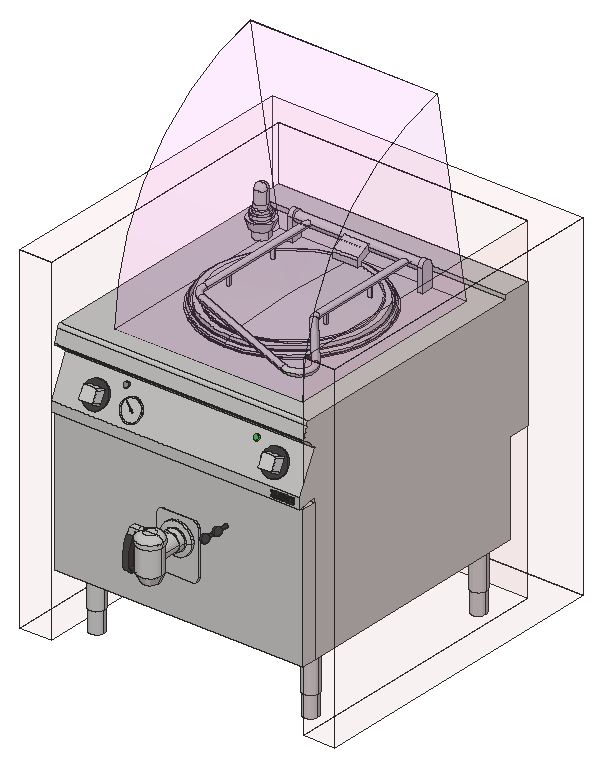
Revit family "QF_ZANUSSI_392233_Z9BSEHINF0", category Attrezzature speciali, Revit 2020
Family settings
  Quota connettore circolare = Usa diametro
  Tipo di parte = Normale
  Basato su piano di lavoro = No
  Sempre verticale = Sì
  Taglio con vuoti quando caricato = No
  Condiviso = Sì
  Punto di calcolo locali = No
Parameters (values of type "Standard")
  Weight = 253.532 lbm
  Watts = 9400 W
  Volts = 400 V
  URL Manufacturer = "http://www.zanussiprofessional.com"
  URL = "http://www.zanussiprofessional.com"
  Steam Supply Size = 0"
  Steam Supply Minimum Pressure = 0.00 psi
  Steam Supply Maximum Pressure = 0.00 psi
  Steam Consumption per Hour = 0
  Show Logo [instance] = yes
  Show Clearance [instance] = yes
  Refrigeration Suction Line Size = 0 mm
  Refrigeration Liquid Line Size = 0 mm
  Refrigerant Compressor Remote = yes
  Prospetto di default = 0 mm
  Produttore = "Zanussi"
  Phase = 3
  Modello = "Z9BSEHINF0"
  Length Actual = 800 mm  # constant formula
  Item Number = "392233"
  Hot Water Size = 3/4"
  Height Actual = 850 mm  # constant formula
  HP = "12.6 HP"
  Gas Size = 0"
  Gas KW = 0
  Gas Input Pressure = 0.0 Btu/h
  Direct Waste Size = 5 1/2"
  Descrizione = "60LT EL.BOILING PAN-INDIRECT HEATING"
  Depth Actual = 900 mm  # constant formula
  Cycle = 50 Hz
  Condensate Return Size = 0"
  Compressed Air Volume = 0 GPM
  Compressed Air Size = 0"
  Compressed Air Pressure = 0.00 psi
  Cold Water Size = 3/4"
  Accessory = yes
Reference planes
  plane 1 "BACK": y = 0
  plane 2: z = 0
  plane 3 "LEFT": x = 0
  plane 4 "RIGHT": x = 800
  plane 5 "FRONT": y = -900
  plane 6: z = 850
  plane 7: z = 150
  plane 8: x = -100
  plane 9: x = 900
  plane 10: y = 100
  plane 11: z = 449
  plane 12 "Top": z = 850
  plane 13: y = -450
  plane 14: x = 400
  plane 15: z = 310
  plane 16: y = -117.559
  plane 17: x = 183.51
  plane 18: x = 47
  plane 19: y = -466
  plane 20: z = 1500.737
Forms (mm)
  Extrusion 1, solid, material "QF_Finishes_Clearance", visible <- "Show Clearance"
    sketch origin (0, -80, 0) x (1, 0, 0) y (0, 1, 0)
      loop
        line (-100, -834.125) -> (0, -834.125) -> (0, 80) -> (800, 80) -> (800, -820) -> (900, -820) -> (900, 180) -> (-100, 180) -> (-100, -834.125)
    from 0 to 1090.3
  Revolve 2, solid, material "QF_Finishes_Door Clearance", visible <- "Show Clearance"
    sketch origin (-19.419, 38.825, 900) x (1, 0, 0) y (0, 1, 0)
      loop
        line (147.896, -195.826) -> (147.896, -856.602) -> (749.926, -856.602) -> (749.926, -195.826) -> (147.896, -195.826)
      axis (749.926, -195.826) -> (147.896, -195.826)
    angle from 0 to -80
  Extrusion 3, solid, material "QF_Finishes_Stainless Steel"
    sketch origin (0, 0, 50) x (0, 1, 0) y (0, 0, 1)
      loop
        line (-0.075, 449) -> (-0.075, 865) -> (-85.075, 865) -> (-85.075, 850) -> (-878.015, 850)
        arc (-878.015, 850) -> (-885.658, 846.834) -> (-888.823, 839.192) r 10.808
        line (-888.823, 839.192) -> (-900, 800.214)
        arc (-900, 800.214) -> (-899.512, 797.582) -> (-897.116, 796.387) r 3
        line (-897.116, 796.387) -> (-891.013, 796.387) -> (-855.438, 760.812) -> (-914.125, 642.637) -> (-914.125, 608.614) -> (-857.08, 616.631)
        arc (-857.08, 616.631) -> (-854.536, 615.878) -> (-853.435, 613.462) r 3.2
        line (-853.435, 613.462) -> (-853.427, 150) -> (-70.075, 150) -> (-70.075, 449) -> (-0.075, 449)
      loop
        line (-901.858, 602.071) -> (-901.858, 150) -> (-856.602, 150) -> (-856.602, 602.071) -> (-901.858, 602.071)
    from 0 to 800
  Extrusion 4, solid, material "QF_Finishes_Stainless Steel"
    sketch origin (-1055.159, 112.389, 194.383) x (1, 0, 0) y (0, 1, 0)
      loop
        circle (1102.159, -772.464) r 10
    from -9.383 to 5.617
  Extrusion 5, solid, material "QF_Finishes_Stainless Steel"
    sketch origin (-1055.159, 26.389, 194.383) x (1, 0, 0) y (0, 1, 0)
      loop
        circle (1102.159, -757.464) r 10
    from -9.383 to 5.617
  Extrusion 6, solid, material "QF_Finishes_Stainless Steel"
    sketch origin (-373.159, 36.964, 194.383) x (1, 0, 0) y (0, 1, 0)
      loop
        circle (1102.159, -757.464) r 10
    from -9.383 to 5.617
  Extrusion 7, solid, material "QF_Finishes_Stainless Steel"
    sketch origin (-702.159, 321.464, 194.383) x (1, 0, 0) y (0, 1, 0)
      loop
        circle (1102.159, -787.464) r 20
    from -9.383 to 5.617
Dimensions and locks
  plane 1 "BACK" to plane 5 "FRONT" = 900 mm
  plane 4 "RIGHT" to plane 3 "LEFT" = 800 mm
  plane 6 to level = 850 mm
  plane 3 "LEFT" to plane 4 "RIGHT" = 800 mm
  plane 5 "FRONT" to plane 1 "BACK" = 900 mm
  plane 8 to plane 3 "LEFT" = 100 mm
  plane 4 "RIGHT" to plane 9 = 100 mm
  plane 10 to plane 1 "BACK" = 100 mm
  equal spacing: plane 3 "LEFT", plane 14, plane 4 "RIGHT"
  equal spacing: plane 5 "FRONT", plane 13, plane 1 "BACK"
  plane 15 to level = 310 mm  (x2)
  Extrusion 1 to plane 19 = 466 mm
  aligned and locked: level to plane 2
  aligned and locked: Extrusion 1 to plane 4 "RIGHT"
  aligned and locked: plane 3 "LEFT" to Extrusion 1
  aligned and locked: plane 8 to Extrusion 1
  aligned and locked: plane 9 to Extrusion 1
  aligned and locked: plane 10 to Extrusion 1
  aligned and locked: plane 1 "BACK" to Extrusion 1
Automatic sketch dimensions
  Extrusion 1 sketch curve to plane 8 = 0 mm
  Extrusion 1 sketch curve to plane 3 "LEFT" = 0 mm
  plane 1 "BACK" to Extrusion 1 sketch curve = 0 mm
  Extrusion 1 sketch curve to plane 4 "RIGHT" = 0 mm
  plane 5 "FRONT" to Extrusion 1 sketch curve = 0 mm
  Extrusion 1 sketch curve to plane 9 = 0 mm
  Extrusion 1 sketch curve to plane 10 = 0 mm
  plane 5 "FRONT" to Extrusion 1 sketch curve = 14.125 mm
  plane 17 to Revolve 2 sketch curve = 55.033 mm
  Revolve 2 sketch curve to plane 4 "RIGHT" = 69.493 mm
  Revolve 2 sketch curve to plane 5 "FRONT" = 82.223 mm
  plane 16 to Revolve 2 sketch curve = 39.441 mm
  plane 8 to Revolve 2 sketch curve = 40.581 mm
  Revolve 2 sketch curve to Revolve 2 sketch curve = 22.104 mm
  Revolve 2 sketch curve to Revolve 2 sketch curve = 0 mm
  Extrusion 3 sketch curve to plane 5 "FRONT" = 0 mm
  plane 5 "FRONT" to Extrusion 3 sketch curve = 1.858 mm
  Extrusion 3 sketch curve to Extrusion 3 sketch curve = 12.267 mm
  Extrusion 3 sketch curve to plane 5 "FRONT" = 2.884 mm
  Extrusion 3 sketch curve to Extrusion 3 sketch curve = 6.103 mm
  Extrusion 3 sketch curve to plane 5 "FRONT" = 11.177 mm
  Extrusion 3 sketch curve to Extrusion 3 sketch curve = 10.808 mm
  Extrusion 3 sketch curve to plane 5 "FRONT" = 42.92 mm
  Extrusion 3 sketch curve to Extrusion 3 sketch curve = 0.445 mm
  Extrusion 3 sketch curve to Extrusion 3 sketch curve = 0.033 mm
  Extrusion 3 sketch curve to plane 5 "FRONT" = 44.562 mm
  Extrusion 3 sketch curve to Extrusion 3 sketch curve = 3.175 mm
  Extrusion 3 sketch curve to plane 16 = 32.484 mm
  Extrusion 3 sketch curve to plane 16 = 47.484 mm
  plane 1 "BACK" to Extrusion 3 sketch curve = 0.075 mm
  plane 7 to Extrusion 3 sketch curve = 50 mm
  Extrusion 3 sketch curve to Extrusion 3 sketch curve = 0 mm  (x2)
  Extrusion 3 sketch curve to plane 11 = 50 mm
  Extrusion 3 sketch curve to plane 6 = 197.929 mm
  Extrusion 3 sketch curve to Extrusion 3 sketch curve = 6.544 mm
  Extrusion 3 sketch curve to Extrusion 3 sketch curve = 11.392 mm
  Extrusion 3 sketch curve to Extrusion 3 sketch curve = 3.169 mm
  Extrusion 3 sketch curve to Extrusion 3 sketch curve = 34.022 mm
  Extrusion 3 sketch curve to plane 6 = 39.188 mm
  Extrusion 3 sketch curve to plane 6 = 3.613 mm
  Extrusion 3 sketch curve to plane 6 = 0.613 mm
  plane 6 to Extrusion 3 sketch curve = 39.192 mm
  Extrusion 3 sketch curve to Extrusion 3 sketch curve = 15 mm
  Extrusion 4 sketch curve to plane 18 = 0 mm
  Extrusion 4 sketch curve to plane 19 = 194.075 mm
  Extrusion 5 sketch curve to plane 18 = 0 mm
  Extrusion 5 sketch curve to plane 5 "FRONT" = 168.925 mm
  Extrusion 6 sketch curve to plane 4 "RIGHT" = 71 mm
  Extrusion 6 sketch curve to plane 5 "FRONT" = 179.5 mm
  Extrusion 7 sketch curve to plane 14 = 0 mm
  Extrusion 7 sketch curve to plane 19 = 0 mm
  radius of Extrusion 4 sketch curve = 10 mm
  radius of Extrusion 5 sketch curve = 10 mm
  radius of Extrusion 6 sketch curve = 10 mm
  radius of Extrusion 7 sketch curve = 20 mm
Nested families
  nested 1: "Valvola_Sicurezza_Pressione_VERSIONE LARGA" at (115, -213.22, 900) x (0, -1, 0) z (0, 0, 1), type "Valvola_Sicurezza_Pressione_VERSIONE LARGA"
  nested 2: "CHIUSURA_EBOLLITORE_MANIGLIA_2" at (400, -446.25, 900), type "CHIUSURA_EBOLLITORE_MANIGLIA_2"
  nested 3: "SPIA_RED" at (205, -866.159, 789.225) x (0, -0.4448, -0.8956) z (0, -0.8956, 0.4448), type "SPIA_RED"
  nested 4: "SPIA_GREEN" at (625, -867.972, 785.573) x (0, -0.4448, -0.8956) z (0, -0.8956, 0.4448), type "SPIA_GREEN"
  nested 5: "CONTROLLER_XP-ZAN" at (175.078, -889.634, 741.953) x (1, 0, 0) z (0, -0.8956, 0.4448), type "CONTROLLER_XP-ZAN"
  nested 6: "CONTROLLER_XP-ZAN" at (748.986, -887.149, 746.957) x (1, 0, 0) z (0, -0.8956, 0.4448), type "CONTROLLER_XP-ZAN"
  nested 7: "TERMOMETRO_CIRCOLARE" at (240, -891.427, 738.342) x (0, -0.4448, -0.8956) z (0, -0.8956, 0.4448), type "TERMOMETRO_CIRCOLARE"
  nested 8: "ZANUSSI_Logo" at (748.892, -914.125, 724.625) x (1, 0, 0) z (0, -1, 0), Show Logo <- "Show Logo", visible <- "Show Logo", type "ZANUSSI_Logo"
    with Show Logo yes
  nested 9: "Pomello" at (514.04, -901.858, 485.551) x (0, 0, 1) z (0, -1, 0), type "Pomello"
  nested 10: "Pomello" at (554.04, -901.858, 520.551) x (0, 0, 1) z (0, -1, 0), type "Pomello"
  nested 11: "bocchettone_scarico_SX_ebollitori" at (400, -901.858, 411.296) x (1, 0, 0) z (0, -1, 0), type "bocchettone_scarico_SX_ebollitori"
    with Body Finish QF_Finishes_Stainless Steel
  nested 12: "Piedino 50xH200_par" at (56, -801, 0), type "Piedino 50xH200_par"
    with H 200 mm
  nested 13: "Piedino 50xH200_par" at (744, -801, 0), type "Piedino 50xH200_par"
    with H 200 mm
  nested 14: "Piedino 50xH200_par" at (744, -127, 0), type "Piedino 50xH200_par"
    with H 200 mm
  nested 15: "Piedino 50xH200_par" at (56, -127, 0), type "Piedino 50xH200_par"
    with H 200 mm
Connectors
  piping at (47, -660.075, 185), diameter 19.05, driven by "Hot Water Size"
    settings: on Extrusion 4, index 14, connector inside diameter 24", connector length 0 mm, flow factor 0, pipe flow 0 GPM, pressure drop 0.00 psi, fitting loss kfactor 0, connector angle 0.00°, fixture units 0, engagement length 0 mm, angle of deflection 0.00°, flow configuration 0, flow direction 0, fitting loss method 0, system type 29, joint type 0, gender type 0, connector reference index -1, connector utility 0, adjustable connector no, is connector primary yes, connector description "Hot Water Inlet"
  piping at (47, -731.075, 185), diameter 19.05, driven by "Cold Water Size"
    settings: on Extrusion 5, index 15, connector inside diameter 24", connector length 0 mm, flow factor 0, pipe flow 0 GPM, pressure drop 0.00 psi, fitting loss kfactor 0, connector angle 0.00°, fixture units 0, engagement length 0 mm, angle of deflection 0.00°, flow configuration 0, flow direction 0, fitting loss method 0, system type 29, joint type 0, gender type 0, connector reference index -1, connector utility 0, adjustable connector no, is connector primary no, connector description "Cold Water Inlet"
  electrical at (729, -720.5, 185), driven by "Volts"
    settings: on Extrusion 6, index 16, voltage 400 V, apparent load 0 VA, apparent load phase1 0 VA, apparent load phase2 0 VA, apparent load phase3 0 VA, power factor 1, load classification "Altro", number of poles 1, system type 30, power factor state 1, is connector primary yes, connector utility no, sub classification motor no, connector description "Electrical Connection"
  piping at (400, -466, 185), diameter 139.7, driven by "Direct Waste Size"
    settings: on Extrusion 7, index 17, connector inside diameter 24", connector length 0 mm, flow factor 0, pipe flow 0 GPM, pressure drop 0.00 psi, fitting loss kfactor 0, connector angle 0.00°, fixture units 0, engagement length 0 mm, angle of deflection 0.00°, flow configuration 0, flow direction 0, fitting loss method 0, system type 29, joint type 0, gender type 0, connector reference index -1, connector utility 0, adjustable connector no, is connector primary no, connector description "Drain"
Definition of nested family "Valvola_Sicurezza_Pressione_VERSIONE LARGA"
  Parameters (values of type "Valvola_Sicurezza_Pressione_VERSIONE LARGA")
    Default Elevation = 1219.2 mm
  Reference planes
    plane 1 "Centro (Fronte/Retro)": y = 0
    plane 2: z = 0
    plane 3 "Centro (Sinistra/Destra)": x = 0
  Forms (mm)
    Extrusion 1, solid
      sketch origin (0, 0, 0) x (1, 0, 0) y (0, 1, 0)
        loop
          line (-1219.2, 1219.2) -> (-1219.2, -1219.2) -> (1219.2, -1219.2) -> (1219.2, 1219.2) -> (-1219.2, 1219.2)
      from 0 to -304.8
    Revolve 2, solid
      sketch origin (0, 127, -850) x (0, 1, 0) y (0, 0, 1)
        loop
          line (-127, 850) -> (-127, 1005.049)
          arc (-127, 1005.049) -> (-139.857, 999.724) -> (-145.183, 986.867) r 18.183
          line (-145.183, 986.867) -> (-145.183, 946.198) -> (-147.515, 946.198) -> (-147.515, 935.501) -> (-152, 931.015) -> (-152, 924.56) -> (-157, 924.56) -> (-157, 919.56) -> (-160.008, 919.56) -> (-160.008, 911.432) -> (-157, 911.432) -> (-157, 902.923) -> (-168.345, 902.923) -> (-160.305, 877.208) -> (-152, 875.138) -> (-152, 850) -> (-127, 850)
        axis (-127, 850) -> (-127, 1005.049)
      angle from 0 to 360
  Dimensions and locks
    aligned and locked: plane 2 to Extrusion 1
    aligned and locked: level to Extrusion 1
Definition of nested family "CHIUSURA_EBOLLITORE_MANIGLIA_2"
  Parameters (values of type "CHIUSURA_EBOLLITORE_MANIGLIA_2")
    Default Elevation = 1219.2 mm
    Diametro = 500 mm
  Reference planes
    plane 1 "Centro (Fronte/Retro)": y = 0
    plane 2: z = 0
    plane 3 "Centro (Sinistra/Destra)": x = 0
    plane 4: x = -250
    plane 5: x = 250
  Forms (mm)
    Extrusion 1, solid
      sketch origin (0, 0, 0) x (1, 0, 0) y (0, 1, 0)
        loop
          line (-1219.2, 1219.2) -> (-1219.2, -1219.2) -> (1219.2, -1219.2) -> (1219.2, 1219.2) -> (-1219.2, 1219.2)
      from 0 to -304.8
    Sweep 2, solid
      path origin (-400, 374.738, -849.313) x (1, 0, 0) y (0, 1, 0)
        loop
          line (243.743, -103.594) -> (243.743, -534.5)
          arc (243.743, -534.5) -> (252.432, -562.667) -> (275.478, -581.045) r 50
          line (275.478, -581.045) -> (663.94, -733.483)
          arc (663.94, -733.483) -> (712.787, -719.077) -> (710.882, -668.185) r 41.493
          line (710.882, -668.185) -> (563.79, -492.888)
          arc (563.79, -492.888) -> (558.199, -483.203) -> (556.257, -472.19) r 32.201
          line (556.257, -472.19) -> (556.257, -103.594)
      profile origin (-156.257, 55.691, -849.313) x (1, 0, 0) y (0, 0, 1)
        loop
          circle (0, 918.759) r 9.525
    Revolve 3, solid
      sketch origin (0, 355.988, -849.313) x (0, 1, 0) y (0, 0, 1)
        loop
          line (-355.988, 849.313) -> (-355.988, 890.021)
          arc (-355.988, 890.021) -> (-471.018, 888.03) -> (-585.757, 879.616) r 2058.307
          line (-585.757, 879.616) -> (-588.534, 876.84) -> (-588.534, 873.469) -> (-606.616, 873.469) -> (-606.616, 853.437) -> (-614.697, 853.437) -> (-614.697, 867.549) -> (-617.996, 867.549) -> (-617.996, 865.745) -> (-622.909, 857.235) -> (-622.909, 851.51) -> (-627.909, 851.51) -> (-627.909, 849.313) -> (-355.988, 849.313)
        axis (-355.988, 849.313) -> (-355.988, 890.021)
      angle from 0 to 360
    Extrusion 4, solid
      sketch origin (-400, 374.738, -849.313) x (1, 0, 0) y (0, 1, 0)
        loop
          circle (556.179, -434.634) r 5
        loop
          circle (556.239, -256.89) r 5
        loop
          circle (243.739, -256.89) r 5
        loop
          circle (243.679, -434.634) r 5
      from 873.469 to 917.509
    Extrusion 5, solid
      sketch origin (-326.071, 375.449, -856.416) x (0, 1, 0) y (0, 0, 1)
        loop
          line (-86.2, 856.416) -> (-86.2, 927.861)
          arc (-86.2, 927.861) -> (-103.594, 945.255) -> (-120.988, 927.861) r 17.394
          line (-120.988, 927.861) -> (-120.988, 856.416) -> (-86.2, 856.416)
      from 527.978 to 542.561
    Extrusion 6, solid
      sketch origin (-400, 375.449, -857.666) x (0, 1, 0) y (0, 0, 1)
        loop
          circle (-103.594, 927.13) r 15
      from 198.093 to 601.907
    Extrusion 7, solid
      sketch origin (-400, 376.074, -857.666) x (0, 1, 0) y (0, 0, 1)
        loop
          line (-161.825, 881.823) -> (-147.722, 881.823) -> (-147.722, 896.159)
          arc (-147.722, 896.159) -> (-146.818, 899.027) -> (-144.432, 900.857) r 5
          line (-144.432, 900.857) -> (-110.128, 913.343)
          arc (-110.128, 913.343) -> (-118.811, 923.657) -> (-115.705, 936.776) r 15
          line (-115.705, 936.776) -> (-157.703, 913.496)
          arc (-157.703, 913.496) -> (-160.718, 910.56) -> (-161.825, 906.499) r 8
          line (-161.825, 906.499) -> (-161.825, 881.823)
      from 361.051 to 438.949
    Extrusion 8, solid
      sketch origin (326.071, 375.449, -856.416) x (0, 1, 0) y (0, 0, -1)
        loop
          line (-86.2, -856.416) -> (-120.988, -856.416) -> (-120.988, -927.861)
          arc (-120.988, -927.861) -> (-103.594, -945.255) -> (-86.2, -927.861) r 17.394
          line (-86.2, -927.861) -> (-86.2, -856.416)
      from 527.978 to 542.561
  Dimensions and locks
    equal spacing: plane 4, plane 3 "Centro (Sinistra/Destra)", plane 5, locked at 250 each
    "Diametro": plane 4 to plane 5
    aligned and locked: plane 2 to Extrusion 1
    aligned and locked: level to Extrusion 1
  Automatic sketch dimensions
    Extrusion 1 sketch curve to Extrusion 1 sketch curve = 2438.4 mm  (x2)
    Extrusion 5 sketch curve to level = 0 mm
    Extrusion 5 sketch curve to plane 1 "Centro (Fronte/Retro)" = 254.461 mm
    Extrusion 5 sketch curve to Extrusion 5 sketch curve = 17.394 mm
    level to Extrusion 5 sketch curve = 71.445 mm
    level to Extrusion 6 sketch curve = 69.464 mm
    Extrusion 6 sketch curve to plane 1 "Centro (Fronte/Retro)" = 271.855 mm
    level to Extrusion 7 sketch curve = 48.834 mm
    Extrusion 7 sketch curve to plane 1 "Centro (Fronte/Retro)" = 214.249 mm
    level to Extrusion 7 sketch curve = 55.831 mm
    Extrusion 7 sketch curve to Extrusion 7 sketch curve = 4.122 mm
    Extrusion 7 sketch curve to Extrusion 7 sketch curve = 14.103 mm
    level to Extrusion 7 sketch curve = 43.191 mm
    Extrusion 7 sketch curve to Extrusion 7 sketch curve = 3.29 mm
    Extrusion 7 sketch curve to Extrusion 7 sketch curve = 1.71 mm
    level to Extrusion 7 sketch curve = 79.111 mm
    Extrusion 7 sketch curve to Extrusion 7 sketch curve = 28.727 mm
    level to Extrusion 7 sketch curve = 55.677 mm
    Extrusion 7 sketch curve to Extrusion 7 sketch curve = 5.577 mm
    Extrusion 7 sketch curve to Extrusion 7 sketch curve = 5.91 mm
    Extrusion 7 sketch curve to Extrusion 7 sketch curve = 14.336 mm
    Extrusion 8 sketch curve to level = 0 mm
    Extrusion 8 sketch curve to plane 1 "Centro (Fronte/Retro)" = 254.461 mm
    Extrusion 8 sketch curve to Extrusion 8 sketch curve = 17.394 mm
    Extrusion 8 sketch curve to Extrusion 8 sketch curve = 71.445 mm
    profile plane to Sweep 2 sketch curve = 0 mm
    profile plane to Sweep 2 sketch curve = 918.759 mm
    Sweep 2 sketch curve to plane 3 "Centro (Sinistra/Destra)" = 124.522 mm
    Sweep 2 sketch curve to Sweep 2 sketch curve = 18.265 mm
    plane 5 to Sweep 2 sketch curve = 93.743 mm
    Sweep 2 sketch curve to Sweep 2 sketch curve = 7.534 mm
    Sweep 2 sketch curve to Sweep 2 sketch curve = 32.201 mm
    Sweep 2 sketch curve to plane 5 = 13.94 mm
    Sweep 2 sketch curve to plane 5 = 29.097 mm
    Sweep 2 sketch curve to Sweep 2 sketch curve = 31.786 mm
    plane 1 "Centro (Fronte/Retro)" to Sweep 2 sketch curve = 358.745 mm
    Sweep 2 sketch curve to Sweep 2 sketch curve = 38.626 mm
    plane 1 "Centro (Fronte/Retro)" to Sweep 2 sketch curve = 206.307 mm
    Sweep 2 sketch curve to Sweep 2 sketch curve = 46.545 mm
    plane 1 "Centro (Fronte/Retro)" to Sweep 2 sketch curve = 118.15 mm
    Sweep 2 sketch curve to plane 1 "Centro (Fronte/Retro)" = 271.144 mm  (x2)
    Extrusion 4 sketch curve to plane 4 = 93.679 mm
    Extrusion 4 sketch curve to plane 4 = 93.739 mm
    plane 5 to Extrusion 4 sketch curve = 93.821 mm
    plane 5 to Extrusion 4 sketch curve = 93.761 mm
    plane 1 "Centro (Fronte/Retro)" to Extrusion 4 sketch curve = 59.897 mm  (x2)
    Extrusion 4 sketch curve to plane 1 "Centro (Fronte/Retro)" = 117.848 mm  (x2)
    Revolve 3 sketch curve to level = 0 mm
    Revolve 3 sketch curve to plane 1 "Centro (Fronte/Retro)" = 0 mm  (x2)
    plane 1 "Centro (Fronte/Retro)" to Revolve 3 sketch curve = 21.921 mm
    level to Revolve 3 sketch curve = 30.304 mm
    plane 1 "Centro (Fronte/Retro)" to Revolve 3 sketch curve = 229.77 mm
    Revolve 3 sketch curve to Revolve 3 sketch curve = 2.777 mm
    Revolve 3 sketch curve to Revolve 3 sketch curve = 18.082 mm
    Revolve 3 sketch curve to Revolve 3 sketch curve = 8.082 mm
    Revolve 3 sketch curve to Revolve 3 sketch curve = 3.299 mm
    level to Revolve 3 sketch curve = 2.198 mm
    Revolve 3 sketch curve to Revolve 3 sketch curve = 8.212 mm
    Revolve 3 sketch curve to Revolve 3 sketch curve = 5 mm
    Revolve 3 sketch curve to level = 2017.482 mm
    level to Revolve 3 sketch curve = 4.125 mm
    Revolve 3 sketch curve to Revolve 3 sketch curve = 5.725 mm
    Revolve 3 sketch curve to Revolve 3 sketch curve = 8.509 mm
    Revolve 3 sketch curve to Revolve 3 sketch curve = 1.804 mm
    Revolve 3 sketch curve to Revolve 3 sketch curve = 5.921 mm
    Revolve 3 sketch curve to Revolve 3 sketch curve = 3.37 mm
    Revolve 3 sketch curve to Revolve 3 sketch curve = 0.117 mm
    Revolve 3 sketch curve to Revolve 3 sketch curve = 50 mm
    radius of Extrusion 6 sketch curve = 15 mm
    radius of Sweep 2 sketch curve = 9.525 mm
    radius of Extrusion 4 sketch curve = 5 mm  (x4)
Definition of nested family "SPIA_RED"
  Parameters
    Default Elevation = 1219.2 mm
  Reference planes
    plane 1 "Centro (Fronte/Retro)": y = 0
    plane 2: z = 0
    plane 3 "Centro (Sinistra/Destra)": x = 0
  Forms (mm)
    Extrusion 1, solid
      sketch origin (0, 0, 0) x (1, 0, 0) y (0, 1, 0)
        loop
          line (-1219.2, 1219.2) -> (-1219.2, -1219.2) -> (1219.2, -1219.2) -> (1219.2, 1219.2) -> (-1219.2, 1219.2)
      from 0 to -304.8
    Extrusion 2, solid
      sketch origin (-367.513, 69.533, 3.175) x (-1, 0, 0) y (0, 1, 0)
        loop
          circle (-367.513, -69.533) r 8
      from 0 to 3.175
  Dimensions and locks
    aligned and locked: plane 2 to Extrusion 1
    aligned and locked: level to Extrusion 1
Definition of nested family "SPIA_GREEN"
  Parameters
    Default Elevation = 1219.2 mm
  Reference planes
    plane 1 "Centro (Fronte/Retro)": y = 0
    plane 2: z = 0
    plane 3 "Centro (Sinistra/Destra)": x = 0
  Forms (mm)
    Extrusion 1, solid
      sketch origin (0, 0, 0) x (1, 0, 0) y (0, 1, 0)
        loop
          line (-1219.2, 1219.2) -> (-1219.2, -1219.2) -> (1219.2, -1219.2) -> (1219.2, 1219.2) -> (-1219.2, 1219.2)
      from 0 to -304.8
    Extrusion 2, solid
      sketch origin (-367.513, 69.533, 3.175) x (-1, 0, 0) y (0, 1, 0)
        loop
          circle (-367.513, -69.533) r 8
      from 0 to 3.175
  Dimensions and locks
    aligned and locked: plane 2 to Extrusion 1
    aligned and locked: level to Extrusion 1
Definition of nested family "CONTROLLER_XP-ZAN"
  Parameters (values of type "CONTROLLER_XP-ZAN")
    Default Elevation = 0 mm
  Reference planes
    plane 1 "Centro (Fronte/Retro)": y = 0
    plane 2: z = 0
    plane 3 "Centro (Sinistra/Destra)": x = 0
    plane 4: x = -51.067
    plane 5: x = 51.067
    plane 6: x = 93.481
    plane 7: x = -93.481
  Forms (mm)
    Extrusion 1, solid
      sketch origin (0, 0, 0) x (1, 0, 0) y (0, 1, 0)
        loop
          line (-1219.2, 1219.2) -> (-1219.2, -1219.2) -> (1219.2, -1219.2) -> (1219.2, 1219.2) -> (-1219.2, 1219.2)
      from 0 to -304.8
    Extrusion 2, solid
      sketch origin (-46.381, -48.923, 0) x (1, 0, 0) y (0, 1, 0)
        loop
          circle (-4.687, 48.923) r 42.414
      from 0 to 3.175
    Blend 3, solid
      base sketch origin (-46.381, -48.923, 3.175) x (1, 0, 0) y (0, 1, 0)
        loop
          line (-23.687, 25.923) -> (14.313, 25.923)
          arc (14.313, 25.923) -> (17.142, 27.095) -> (18.313, 29.923) r 4
          line (18.313, 29.923) -> (18.313, 66.519)
          arc (18.313, 66.519) -> (17.342, 69.132) -> (14.901, 70.476) r 4
          arc (14.901, 70.476) -> (-4.687, 71.923) -> (-24.275, 70.476) r 133.25
          arc (-24.275, 70.476) -> (-26.716, 69.132) -> (-27.687, 66.519) r 4
          line (-27.687, 66.519) -> (-27.687, 29.923)
          arc (-27.687, 29.923) -> (-26.515, 27.095) -> (-23.687, 25.923) r 4
      top sketch origin (-46.381, -48.923, 3.175) x (1, 0, 0) y (0, 1, 0)
        loop
          line (-25.687, 66.519) -> (-25.687, 29.923)
          arc (-25.687, 29.923) -> (-25.101, 28.509) -> (-23.687, 27.923) r 2
          line (-23.687, 27.923) -> (14.313, 27.923)
          arc (14.313, 27.923) -> (15.727, 28.509) -> (16.313, 29.923) r 2
          line (16.313, 29.923) -> (16.313, 66.519)
          arc (16.313, 66.519) -> (15.828, 67.825) -> (14.607, 68.498) r 2
          arc (14.607, 68.498) -> (-4.687, 69.923) -> (-23.981, 68.498) r 131.25
          arc (-23.981, 68.498) -> (-25.201, 67.825) -> (-25.687, 66.519) r 2
      from 0 to 33
  Lines and regions (mm)
    Split face 1
      outline origin (-46.381, -48.923, 36.175) x (1, 0, 0) y (0, 1, 0)
        loop
          line (-6.687, 69.908) -> (-6.687, 62.923) -> (-2.687, 62.923) -> (-2.687, 69.908)
  Dimensions and locks
    aligned and locked: plane 2 to Extrusion 1
    aligned and locked: level to Extrusion 1
Definition of nested family "TERMOMETRO_CIRCOLARE"
  Parameters
    Default Elevation = 1219.2 mm
  Reference planes
    plane 1 "Centro (Fronte/Retro)": y = 0
    plane 2: z = 0
    plane 3 "Centro (Sinistra/Destra)": x = 0
  Forms (mm)
    Extrusion 1, solid
      sketch origin (0, 0, 0) x (1, 0, 0) y (0, 1, 0)
        loop
          line (-1219.2, 1219.2) -> (-1219.2, -1219.2) -> (1219.2, -1219.2) -> (1219.2, 1219.2) -> (-1219.2, 1219.2)
      from 0 to -304.8
    Extrusion 2, solid
      sketch origin (-217.932, 73.785, 0.006) x (0, -1, -0.000082) y (1, 0, 0)
        loop
          circle (73.793, 217.932) r 35
      from 0 to 3.2
    Extrusion 3, void
      sketch origin (-217.932, 73.784, 3.206) x (0, -1, -0.000082) y (1, 0, 0)
        loop
          circle (73.793, 217.932) r 33
      from 0 to -1.6
    Extrusion 4, solid
      sketch origin (0, 0, 0) x (1, 0, 0) y (0, 1, 0)
        loop
          arc (-0.549, -2.293) -> (1.747, -1.581) -> (2.216, 0.777) r 2.35
          line (2.216, 0.777) -> (6.22, 5.225) -> (4.666, 6.779) -> (0.602, 2.264)
          arc (0.602, 2.264) -> (-1.747, 1.565) -> (-2.197, -0.844) r 2.35
          line (-2.197, -0.844) -> (-18.808, -20.219)
          arc (-18.808, -20.219) -> (-18.779, -20.694) -> (-18.304, -20.679) r 0.341
          line (-18.304, -20.679) -> (-0.549, -2.293)
      from 1.599 to 2.364
  Cuts and joins
    Extrusion 3 cuts Extrusion 2
  Dimensions and locks
    aligned and locked: plane 2 to Extrusion 1
    aligned and locked: level to Extrusion 1
Definition of nested family "ZANUSSI_Logo"
  Parameters (values of type "ZANUSSI_Logo")
    Show Logo [instance] = yes
    Default Elevation = 1219.2 mm
  Reference planes
    plane 1 "Center (Front/Back)": y = -49
    plane 2: z = 0
    plane 3 "Center (Left/Right)": x = -9.92
  Forms (mm)
    Extrusion 1, solid
      sketch origin (0, 0, 0) x (1, 0, 0) y (0, 1, 0)
        loop
          line (-1219.2, 1219.2) -> (-1219.2, -1219.2) -> (1219.2, -1219.2) -> (1219.2, 1219.2) -> (-1219.2, 1219.2)
      from 0 to -304.8
    Extrusion 2, solid, visible <- "Show Logo"
      sketch origin (106.353, -215.165, -50) x (1, 0, 0) y (0, 1, 0)
        loop
          line (-137.419, 156.48) -> (-137.419, 160.444) -> (-143.365, 160.444) -> (-137.419, 172.566) -> (-137.419, 175.851) -> (-147.274, 175.851) -> (-147.274, 172.226) -> (-142.063, 172.339) -> (-147.728, 160.444) -> (-147.728, 156.48) -> (-137.419, 156.48)
        loop
          line (-131.729, 163.73) -> (-129.463, 163.73) -> (-130.596, 172.54) -> (-131.729, 163.73)
        loop
          line (-132.748, 156.48) -> (-132.182, 160.218) -> (-128.897, 160.218) -> (-128.33, 156.48) -> (-124.252, 156.48) -> (-127.877, 175.851) -> (-133.315, 175.851) -> (-136.826, 156.48) -> (-132.748, 156.48)
        loop
          line (-123.75, 175.851) -> (-123.75, 156.48) -> (-120.238, 156.48) -> (-120.238, 169.281) -> (-116.953, 156.48) -> (-112.648, 156.48) -> (-112.648, 175.851) -> (-116.273, 175.851) -> (-116.273, 163.503) -> (-119.558, 175.851) -> (-123.75, 175.851)
        loop
          arc (-111.742, 161.27) -> (-106.896, 156.448) -> (-101.433, 160.558) r 5.22
          line (-101.433, 160.558) -> (-101.433, 175.851) -> (-105.398, 175.851) -> (-105.398, 161.464)
          arc (-105.398, 161.464) -> (-106.44, 160.263) -> (-107.777, 161.124) r 1.214
          line (-107.777, 161.124) -> (-107.777, 175.851) -> (-111.742, 175.851) -> (-111.742, 161.27)
        loop
          line (-94.069, 169.734) -> (-90.331, 169.734) -> (-90.269, 171.495)
          arc (-90.269, 171.495) -> (-90.53, 173.458) -> (-91.761, 175.009) r 3.719
          arc (-91.761, 175.009) -> (-95.38, 176.189) -> (-98.998, 175.009) r 6.139
          arc (-98.998, 175.009) -> (-100.474, 172.145) -> (-100.291, 168.927) r 6.125
          arc (-100.291, 168.927) -> (-99.079, 167.149) -> (-97.591, 165.594) r 13.068
          line (-97.591, 165.594) -> (-95.921, 164.113)
          arc (-95.921, 164.113) -> (-94.934, 163.275) -> (-94.167, 162.233) r 5.571
          arc (-94.167, 162.233) -> (-94.357, 160.41) -> (-96.143, 160.003) r 1.573
          arc (-96.143, 160.003) -> (-96.681, 160.547) -> (-96.911, 161.277) r 1.631
          arc (-96.911, 161.277) -> (-96.929, 161.791) -> (-96.911, 162.305) r 7.441
          arc (-96.911, 162.305) -> (-96.895, 162.791) -> (-96.911, 163.277) r 7.03
          line (-96.911, 163.277) -> (-100.866, 163.277)
          arc (-100.866, 163.277) -> (-100.828, 160.504) -> (-99.735, 157.955) r 7.131
          arc (-99.735, 157.955) -> (-94.571, 156.484) -> (-90.221, 159.633) r 6.148
          arc (-90.221, 159.633) -> (-90.141, 162.884) -> (-91.536, 165.823) r 7.021
          line (-91.536, 165.823) -> (-95.882, 169.734)
          arc (-95.882, 169.734) -> (-96.47, 170.472) -> (-96.785, 171.362) r 2.858
          arc (-96.785, 171.362) -> (-95.666, 172.959) -> (-94.069, 171.84) r 1.379
          line (-94.069, 171.84) -> (-94.069, 169.734)
        loop
          line (-82.771, 169.734) -> (-79.033, 169.734) -> (-78.971, 171.495)
          arc (-78.971, 171.495) -> (-79.232, 173.458) -> (-80.463, 175.009) r 3.719
          arc (-80.463, 175.009) -> (-84.081, 176.189) -> (-87.7, 175.009) r 6.139
          arc (-87.7, 175.009) -> (-89.175, 172.145) -> (-88.993, 168.927) r 6.125
          arc (-88.993, 168.927) -> (-87.781, 167.149) -> (-86.293, 165.594) r 13.068
          line (-86.293, 165.594) -> (-84.623, 164.113)
          arc (-84.623, 164.113) -> (-83.636, 163.275) -> (-82.869, 162.233) r 5.571
          arc (-82.869, 162.233) -> (-83.059, 160.41) -> (-84.845, 160.003) r 1.573
          arc (-84.845, 160.003) -> (-85.383, 160.547) -> (-85.613, 161.277) r 1.631
          arc (-85.613, 161.277) -> (-85.631, 161.791) -> (-85.613, 162.305) r 7.441
          arc (-85.613, 162.305) -> (-85.596, 162.791) -> (-85.613, 163.277) r 7.03
          line (-85.613, 163.277) -> (-89.568, 163.277)
          arc (-89.568, 163.277) -> (-89.53, 160.504) -> (-88.437, 157.955) r 7.131
          arc (-88.437, 157.955) -> (-83.272, 156.484) -> (-78.922, 159.633) r 6.148
          arc (-78.922, 159.633) -> (-78.843, 162.884) -> (-80.238, 165.823) r 7.021
          line (-80.238, 165.823) -> (-84.584, 169.734)
          arc (-84.584, 169.734) -> (-85.171, 170.472) -> (-85.486, 171.362) r 2.858
          arc (-85.486, 171.362) -> (-84.368, 172.959) -> (-82.771, 171.84) r 1.379
          line (-82.771, 171.84) -> (-82.771, 169.734)
        loop
          line (-78.21, 175.851) -> (-78.21, 156.48) -> (-74.245, 156.48) -> (-74.245, 175.851) -> (-78.21, 175.851)
      from 50 to 51.6
  Dimensions and locks
    aligned and locked: plane 2 to Extrusion 1
    aligned and locked: level to Extrusion 1
Definition of nested family "Pomello"
  Parameters (values of type "Pomello")
    Default Elevation = 1219.2 mm
  Reference planes
    plane 1 "Centro (Fronte/Retro)": y = 0
    plane 2: z = 0
    plane 3 "Centro (Sinistra/Destra)": x = 0
  Forms (mm)
    Extrusion 1, solid
      sketch origin (0, 0, 0) x (1, 0, 0) y (0, 1, 0)
        loop
          line (-1219.2, 1219.2) -> (-1219.2, -1219.2) -> (1219.2, -1219.2) -> (1219.2, 1219.2) -> (-1219.2, 1219.2)
      from 0 to -304.8
    Revolve 2, solid
      sketch origin (0, 0, 0) x (1, 0, 0) y (0, 0, 1)
        loop
          arc (0, 49.376) -> (-11.749, 39.816) -> (-4.779, 26.368) r 12
          line (-4.779, 26.368) -> (-4.779, 0) -> (0, 0) -> (0, 49.376)
        axis (0, 49.376) -> (0, 0)
      angle from 0 to 360
  Dimensions and locks
    aligned and locked: plane 2 to Extrusion 1
    aligned and locked: level to Extrusion 1
Definition of nested family "bocchettone_scarico_SX_ebollitori"
  Parameters
    Default Elevation = 1219.2 mm
    Body Finish [instance] = none
  Reference planes
    plane 1 "Centro (Fronte/Retro)": y = 0
    plane 2: z = 0
    plane 3 "Centro (Sinistra/Destra)": x = 0
  Forms (mm)
    Extrusion 1, solid
      sketch origin (0, 0, 0) x (1, 0, 0) y (0, 1, 0)
        loop
          line (-1219.2, 1219.2) -> (-1219.2, -1219.2) -> (1219.2, -1219.2) -> (1219.2, 1219.2) -> (-1219.2, 1219.2)
      from 0 to -304.8
    Extrusion 2, solid
      sketch origin (-400, 240.774, 0) x (0, 1, 0) y (-1, 0, 0)
        loop
          arc (-150.774, -353.125) -> (-156.632, -338.983) -> (-170.774, -333.125) r 20
          line (-170.774, -333.125) -> (-310.774, -333.125)
          arc (-310.774, -333.125) -> (-324.916, -338.983) -> (-330.774, -353.125) r 20
          line (-330.774, -353.125) -> (-330.774, -446.875)
          arc (-330.774, -446.875) -> (-324.916, -461.017) -> (-310.774, -466.875) r 20
          line (-310.774, -466.875) -> (-170.774, -466.875)
          arc (-170.774, -466.875) -> (-156.632, -461.017) -> (-150.774, -446.875) r 20
          line (-150.774, -446.875) -> (-150.774, -353.125)
      from 0 to 3.2
    Revolve 3, solid, material <- "Body Finish"
      sketch origin (-350, 21.922, -772.589) x (1, 0, 0) y (0, 0, -1)
        loop
          line (350, -775.828) -> (350, -864.845) -> (377.31, -864.845) -> (377.31, -807.326) -> (381.52, -807.326) -> (381.52, -788.802) -> (383.56, -788.802) -> (383.56, -785.903) -> (400.479, -782.307) -> (400.479, -775.828) -> (350, -775.828)
        axis (350, -864.845) -> (350, -775.828)
      angle from 0 to 360
    Revolve 4, solid, material <- "Body Finish"
      sketch origin (-350, -526.747, 115) x (1, 0, 0) y (0, 1, 0)
        loop
          line (387.487, 584.414) -> (391.109, 584.414) -> (391.109, 596.458)
          arc (391.109, 596.458) -> (383.595, 608.72) -> (370.039, 613.521) r 21.541
          line (370.039, 613.521) -> (350, 613.521) -> (350, 475.451) -> (376.476, 475.451) -> (387.487, 500.451) -> (387.487, 584.414)
        axis (350, 475.451) -> (350, 613.521)
      angle from 0 to 360
    Extrusion 5, solid, material <- "Body Finish"
      sketch origin (-350, -775.155, 38.523) x (1, 0, 0) y (0, 1, 0)
        loop
          line (334.337, 862.322) -> (293.259, 862.322)
          arc (293.259, 862.322) -> (288.909, 852.087) -> (286.124, 841.32) r 74.823
          line (286.124, 841.32) -> (313.163, 841.32)
          arc (313.163, 841.32) -> (321.492, 854.097) -> (334.337, 862.322) r 36.276
      from 65.839 to 87.452
    Extrusion 6, solid
      sketch origin (-317.505, -797.905, 38.523) x (0.996195, 0.087156, 0) y (-0.087156, 0.996195, 0)
        loop
          line (310.083, 729.392) -> (326.95, 725.56)
          arc (326.95, 725.56) -> (330.708, 728.657) -> (328.286, 732.881) r 3.774
          arc (328.286, 732.881) -> (324.091, 735.364) -> (321.08, 739.199) r 13.226
          arc (321.08, 739.199) -> (329.921, 798.627) -> (355.034, 853.209) r 212.616
          line (355.034, 853.209) -> (332.761, 855.158)
          arc (332.761, 855.158) -> (308.651, 800.836) -> (302.633, 741.71) r 188.693
          arc (302.633, 741.71) -> (303.742, 733.968) -> (310.083, 729.392) r 10
      from 68.541 to 84.413
  Dimensions and locks
    Extrusion 5 sketch curve to Extrusion 5 sketch curve to Revolve 4 = 21.002 mm locked, 117.461 mm locked
    Extrusion 6 sketch curve to Extrusion 6 sketch curve to Extrusion 6 sketch curve to Extrusion 6 sketch curve to Extrusion 6 sketch curve to Extrusion 6 sketch curve = 2.347 mm locked, 5.062 mm locked, 5.666 mm locked, 0.894 mm locked, 115.642 mm locked
    aligned and locked: plane 2 to Extrusion 1
    aligned and locked: level to Extrusion 1
Definition of nested family "Piedino 50xH200_par"
  Parameters (values of type "Piedino 50xH200_par")
    Default Elevation = 0 mm
    H [instance] = 200 mm
  Reference planes
    plane 1 "Centro (Fronte/Retro)": y = 0
    plane 2: z = 0
    plane 3 "Centro (Sinistra/Destra)": x = 0
  Forms (mm)
    Revolve 1, solid
      sketch origin (55, 0, 0) x (-1, 0, 0) y (0, 0, -1)
        loop
          line (55, 0) -> (32.1, 0) -> (32.1, -69.05) -> (29.6, -69.05) -> (29.6, -200) -> (55, -200) -> (55, 0)
        axis (55, 0) -> (55, -200)
      angle from 0 to 360
  Dimensions and locks
    "H": Revolve 1 to plane 2
    aligned and locked: level to plane 2
  Automatic sketch dimensions
    Revolve 1 sketch curve to level = 0 mm
    Revolve 1 sketch curve to plane 3 "Centro (Sinistra/Destra)" = 0 mm  (x2)
    plane 3 "Centro (Sinistra/Destra)" to Revolve 1 sketch curve = 22.9 mm
    Revolve 1 sketch curve to Revolve 1 sketch curve = 2.5 mm
    level to Revolve 1 sketch curve = 69.05 mm
    Revolve 1 sketch curve to Revolve 1 sketch curve = 130.95 mm
    Revolve 1 sketch curve to Revolve 1 sketch curve = 0 mm
    Revolve 1 sketch curve to Revolve 1 sketch curve = 20 mm
